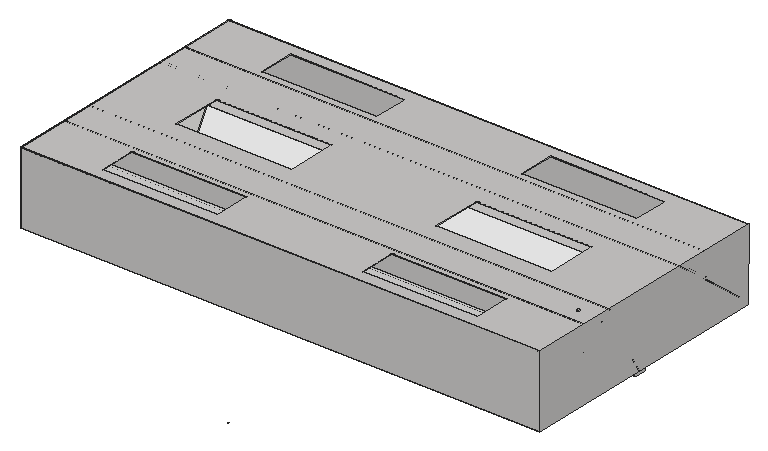
Revit family "QF_ELECTROLUXPROFESSIONAL_640041_STCF1836", category Specialty Equipment, Revit 2014
Reference planes
  plane 1: z = 0
  plane 2 "Center (Left/Right)": x = 150
  plane 3 "LEFT": x = -1650
  plane 4 "RIGHT": x = 1950
  plane 5 "BACK": y = 550
  plane 6 "TOP": z = 2500
  plane 7 "Base": z = 2000
  plane 8: z = 1955
  plane 9: x = -1647
  plane 10 "DrainX": x = 1830
  plane 11 "AOLeft2": x = -350
  plane 12 "AORight1": x = 650
  plane 13: x = 1947
  plane 14: x = -1450
  plane 15: x = 1750
  plane 16 "Center (Front/Back)": y = -350
  plane 17 "Front": y = -1250
  plane 18 "AOLeft1": x = -1150
  plane 19 "AORight2": x = 1450
  plane 20 "EI_y": y = -770
  plane 21 "EIx": x = 1830
  plane 22: y = 464
  plane 23: y = 214
  plane 24: y = -1164
  plane 25: y = -914
  plane 26: y = -175
  plane 27: y = -525
Forms (mm)
  Extrusion 1, solid, material "QF_Finishes_Stainless Steel"
    sketch origin (-1650, 0, 360) x (0, 1, 0) y (0, 0, 1)
      loop
        line (550, 1640) -> (550, 2140) -> (-1250, 2140) -> (-1250, 1640) -> (550, 1640)
    from 0 to 3
  Extrusion 2, solid, material "QF_Finishes_Stainless Steel"
    sketch origin (1950, 0, 360) x (0, 1, 0) y (0, 0, 1)
      loop
        line (550, 1640) -> (550, 2140) -> (-1250, 2140) -> (-1250, 1640) -> (550, 1640)
    from 0 to -3
  Extrusion 3, solid, material "QF_Finishes_Stainless Steel"
    sketch origin (150, 0, 360) x (0, 1, 0) y (0, 0, 1)
      loop
        line (-1250, 2140) -> (-1250, 1640) -> (-1240, 1640) -> (-1240, 1640.8) -> (-1249.2, 1640.8) -> (-1249.2, 2139.19) -> (549.2, 2139.19) -> (549.2, 1640.8) -> (540, 1640.8) -> (540, 1640) -> (550, 1640) -> (550, 2140) -> (-1250, 2140)
    from -1800 to 1800
  Extrusion 4, solid, material "QF_Finishes_Stainless Steel"
    sketch origin (0, -840, 2000) x (0, 1, 0) y (-1, 0, 0)
      loop
        circle (490, -1830) r 4.763
    from -30 to 0
  Extrusion 5, void
    sketch origin (0, 0, 2500) x (0, 1, 0) y (-1, 0, 0)
      loop
        line (-1164, 350) -> (-914, 350) -> (-914, 1150) -> (-1164, 1150) -> (-1164, 350)
    from 0 to -10
  Extrusion 6, solid, material "QF_Finishes_Stainless Steel"
    sketch origin (0, 0, 0) x (1, 0, 0) y (0, 1, 0)
      loop
        line (-1650, 550) -> (-1650, 549) -> (-1649, 549) -> (-1649, 550) -> (-1650, 550)
    from 0 to 1
  Sweep 7, solid, material "QF_Finishes_Stainless Steel"
    path origin (0, 0, 0) x (1, 0, 0) y (0, 1, 0)
      loop
        line (1950, 550) -> (-1650, 550) -> (-1650, -1250) -> (1950, -1250) -> (1950, 550)
    profile origin (1950, -350, 0) x (1, 0, 0) y (0, 0, 1)
      loop
        line (-3, 2000) -> (-3, 2000.8) -> (-19, 2000.8) -> (-19, 2010) -> (-20, 2010) -> (-20, 2000) -> (-3, 2000)
  Extrusion 8, solid, material "QF_Finishes_Stainless Steel"
    sketch origin (150, -826.94, 0) x (0, 1, 0) y (0, 0, 1)
      loop
        line (414.66, 2095.469) -> (440.643, 2110.471) -> (261.744, 2411.771) -> (235.948, 2396.455) -> (414.66, 2095.469)
    from -1797 to -1600
  Extrusion 9, void
    sketch origin (1134.605, 0, 2500) x (0, 1, 0) y (-1, 0, 0)
      loop
        line (-1164, -315.395) -> (-914, -315.395) -> (-914, 484.605) -> (-1164, 484.605) -> (-1164, -315.395)
    from 0 to -10
  Extrusion 10, solid, material "QF_Finishes_Stainless Steel"
    sketch origin (1830, -840, 0) x (0, 1, 0) y (0, 0, 1)
      loop
        line (539, 2000) -> (441, 2000) -> (441, 1989) -> (448.5, 1989) -> (448.5, 1965)
        arc (448.5, 1965) -> (451.429, 1957.929) -> (458.5, 1955) r 10
        line (458.5, 1955) -> (521.5, 1955)
        arc (521.5, 1955) -> (528.571, 1957.929) -> (531.5, 1965) r 10
        line (531.5, 1965) -> (531.5, 1989) -> (539, 1989) -> (539, 2000)
    from 90 to -90
  Extrusion 11, solid, material "QF_Finishes_Stainless Steel"
    sketch origin (150, -826.94, 0) x (0, 1, 0) y (0, 0, 1)
      loop
        line (414.66, 2095.469) -> (440.643, 2110.471) -> (261.744, 2411.771) -> (235.948, 2396.455) -> (414.66, 2095.469)
    from 1600 to 1797
  Extrusion 12, solid, material "QF_Finished_Chrome"
    sketch origin (150, -826.94, 0) x (0, 1, 0) y (0, 0, 1)
      loop
        line (414.66, 2095.469) -> (440.643, 2110.471) -> (261.744, 2411.771) -> (235.948, 2396.455) -> (414.66, 2095.469)
    from -1600 to 1600
  Extrusion 13, void
    sketch origin (0, 1180, 2500) x (0, 1, 0) y (-1, 0, 0)
      loop
        line (-1355, 350) -> (-1355, 1150) -> (-1705, 1150) -> (-1705, 350) -> (-1355, 350)
    from 0 to -10
  Extrusion 14, void
    sketch origin (1600, 1180, 2500) x (0, 1, 0) y (-1, 0, 0)
      loop
        line (-1355, 150) -> (-1355, 950) -> (-1705, 950) -> (-1705, 150) -> (-1355, 150)
    from 0 to -10
  Extrusion 15, solid, material "QF_Finishes_Stainless Steel"
    sketch origin (0, 0, 2500) x (0, 1, 0) y (-1, 0, 0)
      loop
        circle (-770, -1830) r 10
    from 0 to 1.6
  Extrusion 16, solid, material "QF_Finishes_Stainless Steel"
    sketch origin (150, -826.94, 360) x (0, 1, 0) y (0, 0, 1)
      loop
        line (430.005, 1640) -> (476.94, 1640) -> (476.94, 1640.8) -> (430.467, 1640.8) -> (371.906, 1742.23) -> (414.858, 1734.657) -> (442.266, 1750.481) -> (442.266, 1765.943) -> (441.466, 1765.943) -> (441.466, 1750.943) -> (414.709, 1735.495) -> (321.153, 1751.991) -> (320.875, 1750.416) -> (371.4, 1741.507) -> (430.005, 1640)
      loop
        line (172.529, 2139.19) -> (242.893, 2017.316) -> (245.133, 2018.715) -> (240.13, 2027.381) -> (238.569, 2026.405) -> (173.453, 2139.19) -> (172.529, 2139.19)
    from -1797 to 1797
  Extrusion 17, solid, material "QF_LAMPS"
    sketch origin (150, 0, 360) x (0, 1, 0) y (0, 0, 1)
      loop
        line (-872.823, 1962.324) -> (-718.948, 2086.929) -> (-727.129, 2097.032) -> (-881.003, 1972.426) -> (-872.823, 1962.324)
    from 1797 to -1797
  Extrusion 18, solid, material "QF_Finishes_Stainless Steel"
    sketch origin (150, 0, 360) x (0, 1, 0) y (0, 0, 1)
      loop
        line (-1250, 2139.19) -> (-1250, 1640) -> (-1186.602, 1640) -> (-1099.146, 1690.493) -> (-1110.058, 1709.394) -> (-1166.564, 1676.77) -> (-1214.704, 1680.982) -> (-1249.2, 1730.248) -> (-1249.2, 2139.19) -> (-1250, 2139.19)
      loop
        line (-873.6, 1961.694) -> (-881.937, 1971.99) -> (-869.095, 1982.182) -> (-869.095, 2139.19) -> (-869.895, 2139.19) -> (-869.895, 1982.569) -> (-1182.298, 1734.63) -> (-1171.091, 1720.79) -> (-873.6, 1961.694)
      loop
        line (-727.61, 2099.216) -> (-718.171, 2087.559) -> (-654.411, 2139.19) -> (-655.682, 2139.19) -> (-718.052, 2088.684) -> (-726.989, 2099.719) -> (-727.61, 2099.216)
    from -1797 to 1797
  Extrusion 19, solid, material "QF_Finishes_Stainless Steel"
    sketch origin (150, 126.94, 360) x (0, -1, 0) y (0, 0, -1)
      loop
        line (430.005, -1640) -> (371.4, -1741.507) -> (320.875, -1750.416) -> (321.153, -1751.991) -> (414.709, -1735.495) -> (441.466, -1750.943) -> (441.466, -1765.943) -> (442.266, -1765.943) -> (442.266, -1750.481) -> (414.858, -1734.657) -> (371.906, -1742.23) -> (430.467, -1640.8) -> (476.94, -1640.8) -> (476.94, -1640) -> (430.005, -1640)
      loop
        line (172.529, -2139.19) -> (173.453, -2139.19) -> (238.569, -2026.405) -> (240.13, -2027.381) -> (245.133, -2018.715) -> (242.893, -2017.316) -> (172.529, -2139.19)
    from -1797 to 1797
  Extrusion 20, solid, material "QF_LAMPS"
    sketch origin (150, -700, 360) x (0, -1, 0) y (0, 0, -1)
      loop
        line (-872.823, -1962.324) -> (-881.003, -1972.426) -> (-727.129, -2097.032) -> (-718.948, -2086.929) -> (-872.823, -1962.324)
    from 1797 to -1797
  Extrusion 21, solid, material "QF_Finishes_Stainless Steel"
    sketch origin (150, -700, 360) x (0, -1, 0) y (0, 0, -1)
      loop
        line (-1250, -2139.19) -> (-1249.2, -2139.19) -> (-1249.2, -1730.248) -> (-1214.704, -1680.982) -> (-1166.564, -1676.77) -> (-1110.058, -1709.394) -> (-1099.146, -1690.493) -> (-1186.602, -1640) -> (-1250, -1640) -> (-1250, -2139.19)
      loop
        line (-873.6, -1961.694) -> (-1171.091, -1720.79) -> (-1182.298, -1734.63) -> (-869.895, -1982.569) -> (-869.895, -2139.19) -> (-869.095, -2139.19) -> (-869.095, -1982.182) -> (-881.937, -1971.99) -> (-873.6, -1961.694)
      loop
        line (-727.61, -2099.216) -> (-726.989, -2099.719) -> (-718.052, -2088.684) -> (-655.682, -2139.19) -> (-654.411, -2139.19) -> (-718.171, -2087.559) -> (-727.61, -2099.216)
    from -1797 to 1797
  Extrusion 22, solid, material "QF_Finishes_Stainless Steel"
    sketch origin (150, 126.94, 0) x (0, -1, 0) y (0, 0, -1)
      loop
        line (414.66, -2095.469) -> (235.948, -2396.455) -> (261.744, -2411.771) -> (440.643, -2110.471) -> (414.66, -2095.469)
    from -1797 to -1400
  Extrusion 23, solid, material "QF_Finishes_Stainless Steel"
    sketch origin (150, 126.94, 0) x (0, -1, 0) y (0, 0, -1)
      loop
        line (414.66, -2095.469) -> (235.948, -2396.455) -> (261.744, -2411.771) -> (440.643, -2110.471) -> (414.66, -2095.469)
    from 1400 to 1797
  Extrusion 24, solid, material "QF_Finished_Chrome"
    sketch origin (150, 126.94, 0) x (0, -1, 0) y (0, 0, -1)
      loop
        line (414.66, -2095.469) -> (235.948, -2396.455) -> (261.744, -2411.771) -> (440.643, -2110.471) -> (414.66, -2095.469)
    from -1600 to 1600
  Extrusion 25, void
    sketch origin (0, 814, 2500) x (0, 1, 0) y (-1, 0, 0)
      loop
        line (-600, 350) -> (-350, 350) -> (-350, 1150) -> (-600, 1150) -> (-600, 350)
    from 0 to -10
  Extrusion 26, void
    sketch origin (1134.605, 814, 2500) x (0, 1, 0) y (-1, 0, 0)
      loop
        line (-600, -315.395) -> (-350, -315.395) -> (-350, 484.605) -> (-600, 484.605) -> (-600, -315.395)
    from 0 to -10
  Extrusion 27, solid, material "QF_Finishes_Stainless Steel"
    sketch origin (150, 126.94, 0) x (0, -1, 0) y (0, 0, -1)
      loop
        line (414.66, -2095.469) -> (235.948, -2396.455) -> (261.744, -2411.771) -> (440.643, -2110.471) -> (414.66, -2095.469)
    from -1797 to -1600
  Extrusion 28, solid, material "QF_Finishes_Stainless Steel"
    sketch origin (150, 126.94, 0) x (0, -1, 0) y (0, 0, -1)
      loop
        line (414.66, -2095.469) -> (235.948, -2396.455) -> (261.744, -2411.771) -> (440.643, -2110.471) -> (414.66, -2095.469)
    from 1797 to 1600
Cuts and joins
  Extrusion 5, Extrusion 9, Extrusion 13, Extrusion 14, Extrusion 25, Extrusion 26 cuts Extrusion 3
  joined: Extrusion 2, Extrusion 3, Sweep 7
Lines and regions (mm)
  symbolic lines, style "SpecialityEquipment", detail levels coarse
    curve 1: line (1950, 550, 2500) -> (-1650, 550, 2500)
    curve 2: line (-1650, 550, 2500) -> (-1650, -1250, 2500)
    curve 3: line (1950, -1250, 2500) -> (1950, 550, 2500)
    curve 4: line (-1650, 550, 0) -> (1950, -1250, 0)
    curve 5: line (1950, 550, 0) -> (-1650, -1250, 0)
    curve 6: line (-1650, -1250, 0) -> (1950, -1250, 0)
  symbolic lines, detail levels coarse
    curve 7: line (-1150, 464, 2500) -> (-350, 464, 2500)
    curve 8: line (-1150, 214, 2500) -> (-1150, 464, 2500)
    curve 9: line (-350, 214, 2500) -> (-1150, 214, 2500)
    curve 10: line (-350, 464, 2500) -> (-350, 214, 2500)
    curve 11: line (650, 464, 2500) -> (1450, 464, 2500)
    curve 12: line (650, 214, 2500) -> (650, 464, 2500)
    curve 13: line (1450, 214, 2500) -> (650, 214, 2500)
    curve 14: line (1450, 464, 2500) -> (1450, 214, 2500)
    curve 15: line (650, -175, 2500) -> (1450, -175, 2500)
    curve 16: line (650, -525, 2500) -> (650, -175, 2500)
    curve 17: line (1450, -525, 2500) -> (650, -525, 2500)
    curve 18: line (1450, -175, 2500) -> (1450, -525, 2500)
    curve 19: line (650, -914, 2500) -> (1450, -914, 2500)
    curve 20: line (650, -1164, 2500) -> (650, -914, 2500)
    curve 21: line (1450, -1164, 2500) -> (650, -1164, 2500)
    curve 22: line (1450, -914, 2500) -> (1450, -1164, 2500)
    curve 23: line (-1150, -914, 2500) -> (-350, -914, 2500)
    curve 24: line (-1150, -1164, 2500) -> (-1150, -914, 2500)
    curve 25: line (-350, -1164, 2500) -> (-1150, -1164, 2500)
    curve 26: line (-350, -914, 2500) -> (-350, -1164, 2500)
    curve 27: line (-1150, -175, 2500) -> (-350, -175, 2500)
    curve 28: line (-1150, -525, 2500) -> (-1150, -175, 2500)
    curve 29: line (-350, -525, 2500) -> (-1150, -525, 2500)
    curve 30: line (-350, -175, 2500) -> (-350, -525, 2500)
Dimensions and locks
  plane 3 "LEFT" to plane 4 "RIGHT" = 3600 mm
  equal spacing: plane 3 "LEFT", plane 2 "Center (Left/Right)", plane 4 "RIGHT"
  plane 7 "Base" to plane 8 = 45 mm
  plane 3 "LEFT" to plane 9 = 3 mm
  plane 10 "DrainX" to plane 4 "RIGHT" = 120 mm
  plane 13 to plane 4 "RIGHT" = 3 mm
  plane 3 "LEFT" to plane 14 = 200 mm
  plane 15 to plane 4 "RIGHT" = 200 mm
  locked: plane 11 "AOLeft2" to plane 12 "AORight1" at 1000
  equal spacing: plane 11 "AOLeft2", plane 2 "Center (Left/Right)", plane 12 "AORight1"
  locked: plane 7 "Base" to level at 2000
  locked: plane 6 "TOP" to plane 7 "Base" at 500
  equal spacing: plane 5 "BACK", plane 16 "Center (Front/Back)", plane 17 "Front"
  locked: plane 18 "AOLeft1" to plane 11 "AOLeft2" at 800
  locked: plane 12 "AORight1" to plane 19 "AORight2" at 800
  locked: plane 20 "EI_y" to plane 17 "Front" at 480
  locked: plane 21 "EIx" to plane 4 "RIGHT" at 120
  locked: plane 5 "BACK" to plane 22 at 86
  plane 22 to plane 23 = 250 mm
  locked: plane 24 to plane 17 "Front" at 86
  locked: plane 24 to plane 25 at 250
  plane 26 to plane 16 "Center (Front/Back)" = 175 mm
  plane 16 "Center (Front/Back)" to plane 27 = 175 mm
  locked: plane 5 "BACK" to plane 17 "Front" at 1800
  plane 5 "BACK" to plane 17 "Front" = 1800 mm
  plane 26 to plane 27 = 350 mm
  aligned and locked: level to plane 1
  aligned and locked: plane 4 "RIGHT" to Extrusion 3
  aligned and locked: Extrusion 3 to plane 3 "LEFT"
  aligned and locked: Extrusion 2 to plane 13
  aligned and locked: Extrusion 8 to plane 9
  aligned and locked: plane 18 "AOLeft1" to Extrusion 5
  aligned and locked: Extrusion 5 to plane 11 "AOLeft2"
  aligned and locked: Extrusion 9 to plane 19 "AORight2"
  aligned and locked: plane 12 "AORight1" to Extrusion 9
  aligned and locked: plane 14 to Extrusion 8
  aligned and locked: plane 15 to Extrusion 11
  aligned and locked: plane 13 to Extrusion 11
  aligned and locked: Extrusion 12 to plane 14
  aligned and locked: Extrusion 12 to plane 15
  aligned and locked: plane 12 "AORight1" to Extrusion 14
  aligned and locked: plane 19 "AORight2" to Extrusion 14
  aligned and locked: Extrusion 13 to plane 18 "AOLeft1"
  aligned and locked: Extrusion 13 to plane 11 "AOLeft2"
  aligned and locked: Extrusion 16 to plane 9
  aligned and locked: plane 13 to Extrusion 16
  aligned and locked: Extrusion 24 to plane 14
  aligned and locked: Extrusion 24 to plane 15
  aligned and locked: plane 24 to Extrusion 5
  aligned and locked: Extrusion 5 to plane 25
  aligned and locked: Extrusion 9 to plane 25
  aligned and locked: plane 24 to Extrusion 9
  aligned and locked: Extrusion 25 to plane 18 "AOLeft1"
  aligned and locked: Extrusion 25 to plane 11 "AOLeft2"
  aligned and locked: plane 12 "AORight1" to Extrusion 26
  aligned and locked: plane 19 "AORight2" to Extrusion 26
  aligned and locked: plane 26 to Extrusion 13
  aligned and locked: Extrusion 13 to plane 27
  aligned and locked: plane 26 to Extrusion 14
  aligned and locked: Extrusion 14 to plane 27
  aligned and locked: plane 22 to Extrusion 25
  aligned and locked: Extrusion 25 to plane 23
  aligned and locked: plane 22 to Extrusion 26
  aligned and locked: Extrusion 26 to plane 23
  aligned and locked: Extrusion 21 to plane 9
  aligned and locked: Extrusion 20 to plane 9
  aligned and locked: Extrusion 19 to plane 9
  aligned and locked: plane 9 to Extrusion 22
  aligned and locked: Extrusion 18 to plane 9
  aligned and locked: Extrusion 17 to plane 9
  aligned and locked: plane 13 to Extrusion 21
  aligned and locked: plane 13 to Extrusion 20
  aligned and locked: plane 13 to Extrusion 19
  aligned and locked: Extrusion 23 to plane 13
  aligned and locked: plane 13 to Extrusion 17
  aligned and locked: Extrusion 18 to plane 13
  aligned and locked: plane 14 to Extrusion 27
  aligned and locked: Extrusion 27 to plane 9
  aligned and locked: Extrusion 28 to plane 13
  aligned and locked: plane 15 to Extrusion 28
Automatic sketch dimensions
  curve 6 to plane 3 "LEFT" = 0 mm
  curve 4 to plane 3 "LEFT" = 0 mm
  curve 5 to plane 4 "RIGHT" = 0 mm
  curve 6 to plane 4 "RIGHT" = 0 mm
  curve 4 to plane 17 "Front" = 0 mm
  curve 5 to plane 5 "BACK" = 0 mm
  curve 4 to plane 5 "BACK" = 0 mm
  Extrusion 1 sketch curve to plane 7 "Base" = 0 mm
  Extrusion 1 sketch curve to plane 17 "Front" = 0 mm
  Extrusion 1 sketch curve to plane 5 "BACK" = 0 mm
  Extrusion 1 sketch curve to plane 6 "TOP" = 0 mm
  Extrusion 2 sketch curve to plane 7 "Base" = 0 mm
  Extrusion 2 sketch curve to plane 17 "Front" = 0 mm
  Extrusion 2 sketch curve to plane 5 "BACK" = 0 mm
  Extrusion 2 sketch curve to plane 6 "TOP" = 0 mm
  Extrusion 3 sketch curve to plane 6 "TOP" = 0 mm
  Extrusion 3 sketch curve to plane 17 "Front" = 0 mm
  Extrusion 3 sketch curve to plane 7 "Base" = 0 mm  (x2)
  Extrusion 3 sketch curve to plane 5 "BACK" = 0 mm
  plane 17 "Front" to Extrusion 3 sketch curve = 0.8 mm
  Extrusion 3 sketch curve to Extrusion 3 sketch curve = 9.2 mm
  plane 7 "Base" to Extrusion 3 sketch curve = 0.8 mm  (x2)
  Extrusion 3 sketch curve to plane 5 "BACK" = 10 mm
  Extrusion 3 sketch curve to plane 5 "BACK" = 0.8 mm
  Extrusion 3 sketch curve to plane 6 "TOP" = 0.81 mm
  Extrusion 4 sketch curve to plane 10 "DrainX" = 0 mm
  Extrusion 4 sketch curve to plane 16 "Center (Front/Back)" = 0 mm
  Extrusion 5 sketch curve to plane 18 "AOLeft1" = 0 mm
  plane 24 to Extrusion 5 sketch curve = 0 mm
  Extrusion 5 sketch curve to plane 11 "AOLeft2" = 0 mm
  plane 25 to Extrusion 5 sketch curve = 0 mm
  Extrusion 6 sketch curve to plane 3 "LEFT" = 0 mm
  Extrusion 6 sketch curve to plane 5 "BACK" = 0 mm
  plane 3 "LEFT" to Extrusion 6 sketch curve = 1 mm
  Extrusion 6 sketch curve to Extrusion 6 sketch curve = 1 mm
  Sweep 7 sketch curve to plane 3 "LEFT" = 0 mm
  Sweep 7 sketch curve to plane 4 "RIGHT" = 0 mm
  Sweep 7 sketch curve to plane 17 "Front" = 0 mm
  Sweep 7 sketch curve to plane 5 "BACK" = 0 mm
  profile plane to Sweep 7 sketch curve = 20 mm
  Sweep 7 sketch curve to Sweep 7 sketch curve = 1 mm
  profile plane to Sweep 7 sketch curve = 3 mm
  level to Sweep 7 sketch curve = 2000 mm
  Sweep 7 sketch curve to Sweep 7 sketch curve = 0.8 mm
  Sweep 7 sketch curve to Sweep 7 sketch curve = 9.2 mm
  Extrusion 8 sketch curve to plane 27 = 65.992 mm
  Extrusion 8 sketch curve to Extrusion 8 sketch curve = 25.795 mm
  Extrusion 8 sketch curve to plane 16 "Center (Front/Back)" = 62.28 mm
  Extrusion 8 sketch curve to Extrusion 8 sketch curve = 25.983 mm
  plane 7 "Base" to Extrusion 8 sketch curve = 95.469 mm
  Extrusion 8 sketch curve to Extrusion 8 sketch curve = 15.001 mm
  Extrusion 8 sketch curve to plane 6 "TOP" = 103.545 mm
  Extrusion 8 sketch curve to Extrusion 8 sketch curve = 15.316 mm
  Extrusion 9 sketch curve to plane 12 "AORight1" = 0 mm
  plane 24 to Extrusion 9 sketch curve = 0 mm
  Extrusion 9 sketch curve to plane 19 "AORight2" = 0 mm
  plane 25 to Extrusion 9 sketch curve = 0 mm
  Extrusion 10 sketch curve to plane 8 = 0 mm
  Extrusion 10 sketch curve to plane 7 "Base" = 11 mm  (x2)
  Extrusion 10 sketch curve to plane 16 "Center (Front/Back)" = 49 mm
  Extrusion 10 sketch curve to Extrusion 10 sketch curve = 7.5 mm  (x2)
  Extrusion 10 sketch curve to Extrusion 10 sketch curve = 10 mm  (x2)
  plane 16 "Center (Front/Back)" to Extrusion 10 sketch curve = 31.5 mm
  plane 7 "Base" to Extrusion 10 sketch curve = 0 mm
  Extrusion 11 sketch curve to plane 27 = 65.992 mm
  Extrusion 11 sketch curve to Extrusion 11 sketch curve = 25.795 mm
  Extrusion 11 sketch curve to plane 16 "Center (Front/Back)" = 62.28 mm
  Extrusion 11 sketch curve to Extrusion 11 sketch curve = 25.983 mm
  plane 7 "Base" to Extrusion 11 sketch curve = 95.469 mm
  Extrusion 11 sketch curve to Extrusion 11 sketch curve = 15.001 mm
  Extrusion 11 sketch curve to plane 6 "TOP" = 103.545 mm
  Extrusion 11 sketch curve to Extrusion 11 sketch curve = 15.316 mm
  Extrusion 12 sketch curve to plane 27 = 65.992 mm
  Extrusion 12 sketch curve to Extrusion 12 sketch curve = 25.795 mm
  Extrusion 12 sketch curve to plane 16 "Center (Front/Back)" = 62.28 mm
  Extrusion 12 sketch curve to Extrusion 12 sketch curve = 25.983 mm
  plane 7 "Base" to Extrusion 12 sketch curve = 95.469 mm
  Extrusion 12 sketch curve to Extrusion 12 sketch curve = 15.001 mm
  Extrusion 12 sketch curve to plane 6 "TOP" = 103.545 mm
  Extrusion 12 sketch curve to Extrusion 12 sketch curve = 15.316 mm
  Extrusion 13 sketch curve to plane 11 "AOLeft2" = 0 mm
  Extrusion 13 sketch curve to plane 27 = 0 mm
  Extrusion 13 sketch curve to plane 26 = 0 mm
  Extrusion 13 sketch curve to plane 18 "AOLeft1" = 0 mm
  Extrusion 14 sketch curve to plane 19 "AORight2" = 0 mm
  Extrusion 14 sketch curve to plane 27 = 0 mm
  Extrusion 14 sketch curve to plane 26 = 0 mm
  Extrusion 14 sketch curve to plane 12 "AORight1" = 0 mm
  Extrusion 15 sketch curve to plane 20 "EI_y" = 0 mm
  Extrusion 15 sketch curve to plane 21 "EIx" = 0 mm
  Extrusion 16 sketch curve to plane 7 "Base" = 0 mm
  Extrusion 16 sketch curve to plane 6 "TOP" = 0.81 mm
  plane 20 "EI_y" to Extrusion 16 sketch curve = 115.589 mm
  Extrusion 16 sketch curve to Extrusion 16 sketch curve = 0.924 mm
  Extrusion 16 sketch curve to plane 27 = 63.371 mm
  Extrusion 16 sketch curve to Extrusion 16 sketch curve = 1.561 mm
  Extrusion 16 sketch curve to Extrusion 16 sketch curve = 4.324 mm
  Extrusion 16 sketch curve to Extrusion 16 sketch curve = 2.24 mm
  plane 27 to Extrusion 16 sketch curve = 18.935 mm
  Extrusion 16 sketch curve to Extrusion 16 sketch curve = 0.278 mm
  Extrusion 16 sketch curve to Extrusion 16 sketch curve = 50.525 mm
  Extrusion 16 sketch curve to Extrusion 16 sketch curve = 0.506 mm
  Extrusion 16 sketch curve to Extrusion 16 sketch curve = 42.803 mm
  Extrusion 16 sketch curve to Extrusion 16 sketch curve = 0.148 mm
  Extrusion 16 sketch curve to plane 16 "Center (Front/Back)" = 46.935 mm
  plane 7 "Base" to Extrusion 16 sketch curve = 0.8 mm
  Extrusion 16 sketch curve to Extrusion 16 sketch curve = 0.462 mm  (x2)
  Extrusion 16 sketch curve to Extrusion 16 sketch curve = 46.473 mm
  Extrusion 16 sketch curve to plane 16 "Center (Front/Back)" = 35.474 mm
  Extrusion 16 sketch curve to Extrusion 16 sketch curve = 0.8 mm
  plane 7 "Base" to Extrusion 16 sketch curve = 94.657 mm
  Extrusion 16 sketch curve to Extrusion 16 sketch curve = 0.838 mm
  Extrusion 16 sketch curve to Extrusion 16 sketch curve = 6.012 mm
  Extrusion 16 sketch curve to Extrusion 16 sketch curve = 0.723 mm
  Extrusion 16 sketch curve to Extrusion 16 sketch curve = 14.986 mm
  Extrusion 16 sketch curve to Extrusion 16 sketch curve = 15 mm
  Extrusion 16 sketch curve to plane 6 "TOP" = 122.684 mm
  Extrusion 16 sketch curve to Extrusion 16 sketch curve = 1.399 mm
  Extrusion 16 sketch curve to Extrusion 16 sketch curve = 9.089 mm
  Extrusion 16 sketch curve to Extrusion 16 sketch curve = 0.975 mm
  Extrusion 17 sketch curve to plane 25 = 32.997 mm
  Extrusion 17 sketch curve to Extrusion 17 sketch curve = 8.181 mm  (x2)
  plane 20 "EI_y" to Extrusion 17 sketch curve = 42.871 mm
  Extrusion 17 sketch curve to plane 6 "TOP" = 177.676 mm
  Extrusion 17 sketch curve to Extrusion 17 sketch curve = 10.102 mm
  Extrusion 17 sketch curve to plane 6 "TOP" = 53.071 mm
  Extrusion 17 sketch curve to Extrusion 17 sketch curve = 10.103 mm
  Extrusion 18 sketch curve to plane 7 "Base" = 0 mm
  Extrusion 18 sketch curve to plane 17 "Front" = 0 mm
  Extrusion 18 sketch curve to Extrusion 18 sketch curve = 0.8 mm  (x2)
  plane 17 "Front" to Extrusion 18 sketch curve = 35.296 mm
  plane 24 to Extrusion 18 sketch curve = 22.602 mm
  plane 24 to Extrusion 18 sketch curve = 18.298 mm
  plane 24 to Extrusion 18 sketch curve = 7.091 mm
  plane 24 to Extrusion 18 sketch curve = 2.564 mm
  Extrusion 18 sketch curve to plane 24 = 53.942 mm
  Extrusion 18 sketch curve to Extrusion 18 sketch curve = 10.912 mm
  Extrusion 18 sketch curve to plane 25 = 32.063 mm
  Extrusion 18 sketch curve to Extrusion 18 sketch curve = 8.337 mm
  Extrusion 18 sketch curve to Extrusion 18 sketch curve = 12.042 mm
  plane 20 "EI_y" to Extrusion 18 sketch curve = 42.39 mm
  Extrusion 18 sketch curve to Extrusion 18 sketch curve = 0.622 mm
  Extrusion 18 sketch curve to Extrusion 18 sketch curve = 9.44 mm
  Extrusion 18 sketch curve to Extrusion 18 sketch curve = 0.118 mm
  Extrusion 18 sketch curve to plane 6 "TOP" = 0.81 mm  (x3)
  Extrusion 18 sketch curve to Extrusion 18 sketch curve = 62.37 mm
  Extrusion 18 sketch curve to Extrusion 18 sketch curve = 1.271 mm
  plane 7 "Base" to Extrusion 18 sketch curve = 36.77 mm
  plane 7 "Base" to Extrusion 18 sketch curve = 40.982 mm
  plane 7 "Base" to Extrusion 18 sketch curve = 50.493 mm
  Extrusion 18 sketch curve to Extrusion 18 sketch curve = 18.901 mm
  Extrusion 18 sketch curve to Extrusion 18 sketch curve = 44.02 mm
  Extrusion 18 sketch curve to Extrusion 18 sketch curve = 49.266 mm
  Extrusion 18 sketch curve to Extrusion 18 sketch curve = 13.84 mm
  Extrusion 18 sketch curve to plane 6 "TOP" = 178.306 mm
  Extrusion 18 sketch curve to Extrusion 18 sketch curve = 10.296 mm
  Extrusion 18 sketch curve to Extrusion 18 sketch curve = 10.192 mm
  Extrusion 18 sketch curve to Extrusion 18 sketch curve = 0.386 mm
  Extrusion 18 sketch curve to plane 6 "TOP" = 52.441 mm
  Extrusion 18 sketch curve to Extrusion 18 sketch curve = 1.125 mm
  Extrusion 19 sketch curve to plane 7 "Base" = 0 mm
  plane 6 "TOP" to Extrusion 19 sketch curve = 0.81 mm
  Extrusion 19 sketch curve to plane 26 = 129.411 mm
  Extrusion 19 sketch curve to Extrusion 19 sketch curve = 0.924 mm
  Extrusion 19 sketch curve to plane 26 = 63.371 mm
  Extrusion 19 sketch curve to Extrusion 19 sketch curve = 1.561 mm
  Extrusion 19 sketch curve to Extrusion 19 sketch curve = 4.324 mm
  Extrusion 19 sketch curve to Extrusion 19 sketch curve = 2.24 mm
  plane 26 to Extrusion 19 sketch curve = 18.935 mm
  Extrusion 19 sketch curve to Extrusion 19 sketch curve = 0.278 mm
  Extrusion 19 sketch curve to Extrusion 19 sketch curve = 50.525 mm
  Extrusion 19 sketch curve to Extrusion 19 sketch curve = 0.506 mm
  Extrusion 19 sketch curve to Extrusion 19 sketch curve = 42.803 mm
  Extrusion 19 sketch curve to Extrusion 19 sketch curve = 0.148 mm
  Extrusion 19 sketch curve to plane 16 "Center (Front/Back)" = 46.935 mm
  Extrusion 19 sketch curve to plane 7 "Base" = 0.8 mm
  Extrusion 19 sketch curve to Extrusion 19 sketch curve = 0.462 mm  (x2)
  Extrusion 19 sketch curve to Extrusion 19 sketch curve = 46.473 mm
  Extrusion 19 sketch curve to plane 16 "Center (Front/Back)" = 35.474 mm
  Extrusion 19 sketch curve to Extrusion 19 sketch curve = 0.8 mm
  Extrusion 19 sketch curve to plane 7 "Base" = 94.657 mm
  Extrusion 19 sketch curve to Extrusion 19 sketch curve = 0.838 mm
  Extrusion 19 sketch curve to Extrusion 19 sketch curve = 6.012 mm
  Extrusion 19 sketch curve to Extrusion 19 sketch curve = 0.723 mm
  Extrusion 19 sketch curve to Extrusion 19 sketch curve = 14.986 mm
  Extrusion 19 sketch curve to Extrusion 19 sketch curve = 15 mm
  plane 6 "TOP" to Extrusion 19 sketch curve = 122.684 mm
  Extrusion 19 sketch curve to Extrusion 19 sketch curve = 1.399 mm
  Extrusion 19 sketch curve to Extrusion 19 sketch curve = 9.089 mm
  Extrusion 19 sketch curve to Extrusion 19 sketch curve = 0.975 mm
  plane 23 to Extrusion 20 sketch curve = 32.997 mm
  Extrusion 20 sketch curve to Extrusion 20 sketch curve = 8.181 mm  (x2)
  plane 6 "TOP" to Extrusion 20 sketch curve = 42.968 mm
  plane 23 to Extrusion 20 sketch curve = 186.871 mm
  plane 6 "TOP" to Extrusion 20 sketch curve = 53.071 mm
  plane 6 "TOP" to Extrusion 20 sketch curve = 167.574 mm
  Extrusion 20 sketch curve to Extrusion 20 sketch curve = 10.102 mm
  Extrusion 21 sketch curve to plane 5 "BACK" = 0 mm
  Extrusion 21 sketch curve to plane 7 "Base" = 0 mm
  Extrusion 21 sketch curve to Extrusion 21 sketch curve = 0.8 mm  (x2)
  plane 5 "BACK" to Extrusion 21 sketch curve = 35.296 mm
  Extrusion 21 sketch curve to plane 22 = 22.602 mm
  Extrusion 21 sketch curve to plane 22 = 18.298 mm
  Extrusion 21 sketch curve to plane 22 = 7.091 mm
  Extrusion 21 sketch curve to plane 22 = 2.564 mm
  plane 22 to Extrusion 21 sketch curve = 53.942 mm
  Extrusion 21 sketch curve to Extrusion 21 sketch curve = 10.912 mm
  plane 23 to Extrusion 21 sketch curve = 32.063 mm
  Extrusion 21 sketch curve to Extrusion 21 sketch curve = 8.337 mm
  Extrusion 21 sketch curve to Extrusion 21 sketch curve = 12.042 mm
  plane 6 "TOP" to Extrusion 21 sketch curve = 40.784 mm
  Extrusion 21 sketch curve to Extrusion 21 sketch curve = 141.485 mm
  plane 6 "TOP" to Extrusion 21 sketch curve = 40.281 mm
  Extrusion 21 sketch curve to Extrusion 21 sketch curve = 0.622 mm
  plane 6 "TOP" to Extrusion 21 sketch curve = 52.441 mm
  plane 6 "TOP" to Extrusion 21 sketch curve = 51.316 mm
  plane 6 "TOP" to Extrusion 21 sketch curve = 0.81 mm  (x3)
  Extrusion 21 sketch curve to Extrusion 21 sketch curve = 62.37 mm
  Extrusion 21 sketch curve to Extrusion 21 sketch curve = 1.271 mm
  Extrusion 21 sketch curve to plane 7 "Base" = 36.77 mm
  Extrusion 21 sketch curve to plane 7 "Base" = 40.982 mm
  Extrusion 21 sketch curve to plane 7 "Base" = 50.493 mm
  Extrusion 21 sketch curve to Extrusion 21 sketch curve = 18.901 mm
  Extrusion 21 sketch curve to Extrusion 21 sketch curve = 44.02 mm
  Extrusion 21 sketch curve to Extrusion 21 sketch curve = 49.266 mm
  Extrusion 21 sketch curve to Extrusion 21 sketch curve = 13.84 mm
  plane 6 "TOP" to Extrusion 21 sketch curve = 178.306 mm
  Extrusion 21 sketch curve to Extrusion 21 sketch curve = 10.296 mm
  Extrusion 21 sketch curve to Extrusion 21 sketch curve = 10.192 mm
  Extrusion 21 sketch curve to Extrusion 21 sketch curve = 0.386 mm
  Extrusion 22 sketch curve to plane 26 = 65.992 mm
  Extrusion 22 sketch curve to Extrusion 22 sketch curve = 25.795 mm
  Extrusion 22 sketch curve to plane 16 "Center (Front/Back)" = 62.28 mm
  Extrusion 22 sketch curve to Extrusion 22 sketch curve = 25.983 mm
  Extrusion 22 sketch curve to plane 7 "Base" = 95.469 mm
  Extrusion 22 sketch curve to Extrusion 22 sketch curve = 15.001 mm
  plane 6 "TOP" to Extrusion 22 sketch curve = 103.545 mm
  Extrusion 22 sketch curve to Extrusion 22 sketch curve = 15.316 mm
  Extrusion 23 sketch curve to plane 26 = 65.992 mm
  Extrusion 23 sketch curve to Extrusion 23 sketch curve = 25.795 mm
  Extrusion 23 sketch curve to plane 16 "Center (Front/Back)" = 62.28 mm
  Extrusion 23 sketch curve to Extrusion 23 sketch curve = 25.983 mm
  Extrusion 23 sketch curve to plane 7 "Base" = 95.469 mm
  Extrusion 23 sketch curve to Extrusion 23 sketch curve = 15.001 mm
  plane 6 "TOP" to Extrusion 23 sketch curve = 103.545 mm
  Extrusion 23 sketch curve to Extrusion 23 sketch curve = 15.316 mm
  Extrusion 24 sketch curve to plane 26 = 65.992 mm
  Extrusion 24 sketch curve to Extrusion 24 sketch curve = 25.795 mm
  Extrusion 24 sketch curve to plane 16 "Center (Front/Back)" = 62.28 mm
  Extrusion 24 sketch curve to Extrusion 24 sketch curve = 25.983 mm
  Extrusion 24 sketch curve to plane 7 "Base" = 95.469 mm
  Extrusion 24 sketch curve to Extrusion 24 sketch curve = 15.001 mm
  plane 6 "TOP" to Extrusion 24 sketch curve = 103.545 mm
  Extrusion 24 sketch curve to Extrusion 24 sketch curve = 15.316 mm
  Extrusion 25 sketch curve to plane 18 "AOLeft1" = 0 mm
  Extrusion 25 sketch curve to plane 23 = 0 mm
  Extrusion 25 sketch curve to plane 11 "AOLeft2" = 0 mm
  Extrusion 25 sketch curve to plane 22 = 0 mm
  Extrusion 26 sketch curve to plane 12 "AORight1" = 0 mm
  Extrusion 26 sketch curve to plane 23 = 0 mm
  Extrusion 26 sketch curve to plane 19 "AORight2" = 0 mm
  Extrusion 26 sketch curve to plane 22 = 0 mm
  Extrusion 27 sketch curve to plane 26 = 65.992 mm
  Extrusion 27 sketch curve to Extrusion 27 sketch curve = 25.795 mm
  Extrusion 27 sketch curve to plane 16 "Center (Front/Back)" = 62.28 mm
  Extrusion 27 sketch curve to Extrusion 27 sketch curve = 25.983 mm
  Extrusion 27 sketch curve to plane 7 "Base" = 95.469 mm
  Extrusion 27 sketch curve to Extrusion 27 sketch curve = 15.001 mm
  plane 6 "TOP" to Extrusion 27 sketch curve = 103.545 mm
  Extrusion 27 sketch curve to Extrusion 27 sketch curve = 15.316 mm
  Extrusion 28 sketch curve to plane 26 = 65.992 mm
  Extrusion 28 sketch curve to Extrusion 28 sketch curve = 25.795 mm
  Extrusion 28 sketch curve to plane 16 "Center (Front/Back)" = 62.28 mm
  Extrusion 28 sketch curve to Extrusion 28 sketch curve = 25.983 mm
  Extrusion 28 sketch curve to plane 7 "Base" = 95.469 mm
  Extrusion 28 sketch curve to Extrusion 28 sketch curve = 15.001 mm
  plane 6 "TOP" to Extrusion 28 sketch curve = 103.545 mm
  Extrusion 28 sketch curve to Extrusion 28 sketch curve = 15.316 mm
  curve 2 to plane 3 "LEFT" = 0 mm
  curve 2 to plane 17 "Front" = 0 mm
  curve 3 to plane 4 "RIGHT" = 0 mm
  curve 3 to plane 17 "Front" = 0 mm
  curve 20 to plane 12 "AORight1" = 0 mm
  plane 24 to curve 20 = 0 mm
  curve 24 to plane 18 "AOLeft1" = 0 mm
  plane 24 to curve 24 = 0 mm
  plane 25 to curve 24 = 0 mm
  plane 25 to curve 19 = 0 mm
  curve 29 to plane 11 "AOLeft2" = 0 mm
  curve 29 to plane 27 = 0 mm
  curve 17 to plane 12 "AORight1" = 0 mm
  curve 17 to plane 27 = 0 mm
  curve 16 to plane 26 = 0 mm
  curve 27 to plane 26 = 0 mm
  curve 12 to plane 12 "AORight1" = 0 mm
  curve 12 to plane 23 = 0 mm
  curve 10 to plane 11 "AOLeft2" = 0 mm
  curve 10 to plane 23 = 0 mm
  curve 8 to plane 18 "AOLeft1" = 0 mm
  curve 8 to plane 22 = 0 mm
  curve 11 to plane 22 = 0 mm
  curve 1 to plane 5 "BACK" = 0 mm
  curve 15 to plane 19 "AORight2" = 0 mm
  curve 22 to plane 19 "AORight2" = 0 mm
  curve 14 to plane 19 "AORight2" = 0 mm
  curve 26 to plane 11 "AOLeft2" = 0 mm
  curve 29 to plane 18 "AOLeft1" = 0 mm
  radius of Extrusion 4 sketch curve = 4.763 mm
  radius of Extrusion 15 sketch curve = 10 mm
Connectors
  piping at (1830, -350, 1970), diameter 9.5
    settings: on Extrusion 4, index 1, connector inside diameter 609.6 mm, connector length 0 mm, flow factor 0, pipe flow 0.0 L/s, pressure drop 0.0 Pa, fitting loss kfactor 0, connector angle 0.00°, fixture units 0, engagement length 0 mm, angle of deflection 0.00°, flow configuration 1, flow direction 2, fitting loss method 0, system type 16, joint type 0, gender type 0, connector reference index -1, connector utility 0, adjustable connector no, is connector primary yes, connector description "Drain"
  hvac at (-750, -1039, 2500)
    settings: on Extrusion 5, index 2, duct flow 0.0 L/s, flow factor 0, pres drop 0.0 Pa, loss coef 0, conn angle 0.00°, conn width 250 mm, conn height 800 mm, conn diameter 609.6 mm, duct sys type 1, conn prof type 1, flow config 1, flow direction 1, loss method 0, conn ref index -1, conn util no, is conn primary yes, conn desc "AIR INLET"
  hvac at (1050, -1039, 2500)
    settings: on Extrusion 9, index 3, duct flow 0.0 L/s, flow factor 0, pres drop 0.0 Pa, loss coef 0, conn angle 0.00°, conn width 250 mm, conn height 800 mm, conn diameter 609.6 mm, duct sys type 1, conn prof type 1, flow config 1, flow direction 1, loss method 0, conn ref index -1, conn util no, is conn primary no, conn desc "AIR INLET"
  hvac at (-750, -350, 2500)
    settings: on Extrusion 13, index 4, duct flow 0.0 L/s, flow factor 0, pres drop 0.0 Pa, loss coef 0, conn angle 0.00°, conn width 350 mm, conn height 800 mm, conn diameter 609.6 mm, duct sys type 3, conn prof type 1, flow config 1, flow direction 2, loss method 0, conn ref index -1, conn util no, is conn primary no, conn desc "EXHAUST OUTLET"
  hvac at (1050, -350, 2500)
    settings: on Extrusion 14, index 5, duct flow 0.0 L/s, flow factor 0, pres drop 0.0 Pa, loss coef 0, conn angle 0.00°, conn width 350 mm, conn height 800 mm, conn diameter 609.6 mm, duct sys type 3, conn prof type 1, flow config 1, flow direction 2, loss method 0, conn ref index -1, conn util no, is conn primary no, conn desc "EXHAUST OUTLET"
  electrical at (1830, -770, 2501.6)
    settings: on Extrusion 15, index 6, voltage 0 V, apparent load 0 VA, apparent load phase1 0 VA, apparent load phase2 0 VA, apparent load phase3 0 VA, power factor 1, load classification "Other", number of poles 1, system type 30, power factor state 1, is connector primary yes, connector utility no, sub classification motor no, connector description "Electrical Connection"
  hvac at (-750, 339, 2500)
    settings: on Extrusion 25, index 7, duct flow 0.0 L/s, flow factor 0, pres drop 0.0 Pa, loss coef 0, conn angle 0.00°, conn width 250 mm, conn height 800 mm, conn diameter 609.6 mm, duct sys type 1, conn prof type 1, flow config 1, flow direction 1, loss method 0, conn ref index -1, conn util no, is conn primary no, conn desc "AIR INLET"
  hvac at (1050, 339, 2500)
    settings: on Extrusion 26, index 8, duct flow 0.0 L/s, flow factor 0, pres drop 0.0 Pa, loss coef 0, conn angle 0.00°, conn width 250 mm, conn height 800 mm, conn diameter 609.6 mm, duct sys type 1, conn prof type 1, flow config 1, flow direction 1, loss method 0, conn ref index -1, conn util no, is conn primary no, conn desc "AIR INLET"
